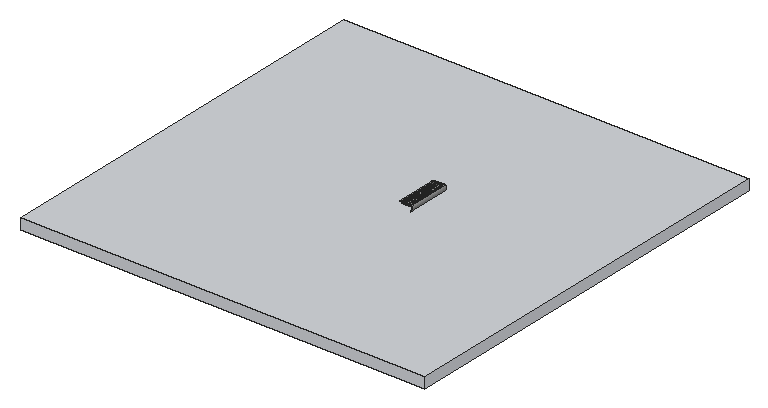
Revit family "STC7635", category Generic Models, host Face, Revit 2020
Family settings
  Host = Face
  Can host rebar = No
  Round Connector Dimension = Use Diameter
  Part Type = Normal
  Cut with Voids When Loaded = No
  Shared = No
  Room Calculation Point = No
Parameters
  Default Elevation = 1219.2 mm
Reference planes
  plane 1 "Center (Front/Back)": y = 0
  plane 2: z = -304.512
  plane 3 "Center (Left/Right)": x = 0
Forms (mm)
  Extrusion 1, solid
    sketch origin (0, 0, 0) x (1, 0, 0) y (0, 1, 0)
      loop
        line (-1219.2, 1219.2) -> (-1219.2, -1219.2) -> (1219.2, -1219.2) -> (1219.2, 1219.2) -> (-1219.2, 1219.2)
    from -304.512 to -241.302
  Extrusion 2, solid, material "Default New Material(1)"
    sketch origin (939.729, -8.45, -469.138) x (1, 0, 0) y (0, 0, 1)
      loop
        line (-570.587, 434.819) -> (-573.873, 434.819) -> (-573.873, 431.617) -> (-626.072, 431.617) -> (-626.072, 434.819) -> (-637.737, 434.819)
        arc (-637.737, 434.819) -> (-638.892, 433.665) -> (-637.737, 432.51) r 1.154
        line (-637.737, 432.51) -> (-629.797, 432.51) -> (-629.797, 428.604)
        arc (-629.797, 428.604) -> (-629.605, 428.14) -> (-629.141, 427.948) r 0.656
        line (-629.141, 427.948) -> (-626.584, 427.948)
        arc (-626.584, 427.948) -> (-623.567, 430.262) -> (-620.55, 427.948) r 3.124
        line (-620.55, 427.948) -> (-617.029, 427.948)
        arc (-617.029, 427.948) -> (-614.012, 430.262) -> (-610.995, 427.948) r 3.124
        line (-610.995, 427.948) -> (-608.1, 427.948)
        arc (-608.1, 427.948) -> (-605.083, 430.262) -> (-602.066, 427.948) r 3.124
        line (-602.066, 427.948) -> (-598.857, 427.948)
        arc (-598.857, 427.948) -> (-595.84, 430.262) -> (-592.823, 427.948) r 3.124
        line (-592.823, 427.948) -> (-589.303, 427.948)
        arc (-589.303, 427.948) -> (-586.286, 430.262) -> (-583.269, 427.948) r 3.124
        line (-583.269, 427.948) -> (-579.748, 427.948) -> (-578.318, 430.426) -> (-571.308, 430.426) -> (-569.877, 427.948) -> (-566.08, 427.948)
        arc (-566.08, 427.948) -> (-565.686, 427.824) -> (-565.435, 427.496) r 0.686
        arc (-565.435, 427.496) -> (-565.117, 413.096) -> (-573.623, 401.471) r 22.429
        arc (-573.623, 401.471) -> (-574.562, 400.362) -> (-573.213, 399.819) r 0.897
        arc (-573.213, 399.819) -> (-562.786, 415.21) -> (-567.013, 433.313) r 23.189
        arc (-567.013, 433.313) -> (-568.596, 434.551) -> (-570.587, 434.819) r 3.835
    from 0 to 250
  Extrusion 3, solid, material "Default New Material"
    sketch origin (939.729, -8.45, -469.138) x (1, 0, 0) y (0, 0, 1)
      loop
        line (-626.072, 436.694) -> (-626.072, 431.617) -> (-573.873, 431.617) -> (-573.873, 436.694) -> (-626.072, 436.694)
    from 0 to 250
Dimensions and locks
  Extrusion 2 to Extrusion 2 = 35.138 mm
  aligned and locked: plane 2 to Extrusion 1
